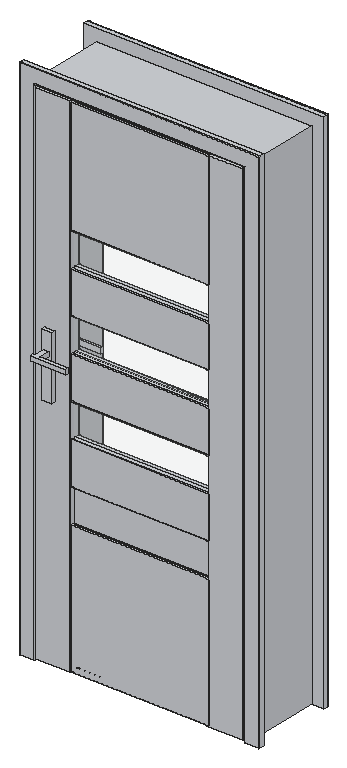
Revit family "porta_koncept_H3_bp", category Drzwi, Revit 2016
Family settings
  Obiekt nadrzędny = Ściana
  Zawsze pionowo = Tak
  Tnij formami wycięć po wczytaniu = Nie
  Współdzielony = Nie
  Punkt obliczania pomieszczeń = Nie
Parameters (values of type "PN 80")
  Wysokość brutto = 2060 mm
  Szerokość brutto = 880 mm
  Model = "Koncept"
  Konstrukcja analityczna = "<Brak>"
  Funkcja = Wewnętrzna
  URL = "www.porta.com.pl"
  Ss = 818 mm
  Sb = 846 mm
  Producent = "PORTA KMI POLAND"
  Keynote = ""
  Description = ""
  Wysokość = 2016 mm
  Zakończenie ściany = Wg obiektu nadrzędnego
  Szerokość = 800 mm
  Materiał_skrzydło [instance] = none
  Materiał_ościeżnica [instance] = none
  Materiał_klamka [instance] = none
  Informacja = "Własność Porta KMI Poland, wszelkie prawa zastrzeżone."  # constant formula
  Hs = 2017 mm
Types (6, lengths in mm): name | Szerokość brutto | Model | Ss | Sb | Description | Szerokość
  PN 70 | 780 | 0 | 718 | 746 | "Biblioteki CAD produktów firmy PORTA KMI POLAND wraz z ich wizualizacjami są chronione prawami własności przemysłowej i intelektualnej. Można je wykorzystywać do handlowych celów osobistych poprzez zastosowanie w projektach, jednak nie wolno ich powielać, modyfikować, licencjonować ani publikować, w całości ani w części, chyba że celem przeglądania, bez uprzedniej pisemnej zgody PORTA KMI Poland. www.porta.com.pl" | 700
  PN 60 | 680 | 0 | 618 | 646 | "Biblioteki CAD produktów firmy PORTA KMI POLAND wraz z ich wizualizacjami są chronione prawami własności przemysłowej i intelektualnej. Można je wykorzystywać do handlowych celów osobistych poprzez zastosowanie w projektach, jednak nie wolno ich powielać, modyfikować, licencjonować ani publikować, w całości ani w części, chyba że celem przeglądania, bez uprzedniej pisemnej zgody PORTA KMI Poland. www.porta.com.pl" | 600
  PN 80 | 880 | "Koncept" | 818 | 846 | "" | 800
  PN 90 | 980 | 0 | 918 | 946 | "Biblioteki CAD produktów firmy PORTA KMI POLAND wraz z ich wizualizacjami są chronione prawami własności przemysłowej i intelektualnej. Można je wykorzystywać do handlowych celów osobistych poprzez zastosowanie w projektach, jednak nie wolno ich powielać, modyfikować, licencjonować ani publikować, w całości ani w części, chyba że celem przeglądania, bez uprzedniej pisemnej zgody PORTA KMI Poland. www.porta.com.pl" | 900
  PN 100 | 1080 | 0 | 1018 | 1046 | "Biblioteki CAD produktów firmy PORTA KMI POLAND wraz z ich wizualizacjami są chronione prawami własności przemysłowej i intelektualnej. Można je wykorzystywać do handlowych celów osobistych poprzez zastosowanie w projektach, jednak nie wolno ich powielać, modyfikować, licencjonować ani publikować, w całości ani w części, chyba że celem przeglądania, bez uprzedniej pisemnej zgody PORTA KMI Poland. www.porta.com.pl" | 1000
  PN 110 | 1180 | 0 | 1118 | 1146 | "Biblioteki CAD produktów firmy PORTA KMI POLAND wraz z ich wizualizacjami są chronione prawami własności przemysłowej i intelektualnej. Można je wykorzystywać do handlowych celów osobistych poprzez zastosowanie w projektach, jednak nie wolno ich powielać, modyfikować, licencjonować ani publikować, w całości ani w części, chyba że celem przeglądania, bez uprzedniej pisemnej zgody PORTA KMI Poland. www.porta.com.pl" | 1100
Reference planes
  plane 1: y = 0
  plane 2 "Środek (Lewa/Prawa)": x = 0
  plane 3 "Lewy": x = -440
  plane 4 "Prawy": x = 440
  plane 5: z = 2060
  plane 6 "Zewnętrzna": y = 150
  plane 7 "Wewnętrzna": y = -150
  plane 8 "skrzydło": y = -129
Forms (mm)
  Sweep 1, solid, material <- "Materiał_ościeżnica"
    path in 3D
      loop
        line (-440, -150, 0) -> (-440, -150, 2060) -> (440, -150, 2060) -> (440, -150, 0)
    profile origin (-440, -150, 1030) x (0, -1, 0) y (1, 0, 0)
      loop
        line (-24, 39) -> (-72, 39) -> (-72, 17) -> (0, 17) -> (0, -33) -> (16, -33)
        arc (16, -33) -> (18.121, -32.121) -> (19, -30) r 3
        line (19, -30) -> (19, 24)
        arc (19, 24) -> (18.121, 26.121) -> (16, 27) r 3
        line (16, 27) -> (-24, 27) -> (-24, 39)
  Sweep 2, solid, material <- "Materiał_ościeżnica"
    path in 3D
      loop
        line (440, 150, 0) -> (440, 150, 2060) -> (-440, 150, 2060) -> (-440, 150, 0)
    profile origin (-440, 150, 1030) x (1, 0, 0) y (0, 1, 0)
      loop
        line (-33, 0) -> (17, 0) -> (17, -228) -> (39, -228) -> (39, -1)
        arc (39, -1) -> (37.536, 2.536) -> (34, 4) r 5
        line (34, 4) -> (25, 4) -> (25, 16)
        arc (25, 16) -> (24.121, 18.121) -> (22, 19) r 3
        line (22, 19) -> (-30, 19)
        arc (-30, 19) -> (-32.121, 18.121) -> (-33, 16) r 3
        line (-33, 16) -> (-33, 0)
  Sweep 3, solid, not visible
    path in 3D
      loop
        line (-440, -150, 0) -> (-440, -150, 2060)
    profile origin (-440, -150, 1030) x (0, -1, 0) y (1, 0, 0)
      loop
        line (-151, 17) -> (-149, 17) -> (-149, 19) -> (-151, 19) -> (-151, 17)
Cuts and joins
  joined: Sweep 1, Sweep 2
Lines and regions (mm)
  Opening 1
    outline origin (-3050, -150, 0) x (1, 0, 0) y (0, 0, 1)
      loop
        line (2610, 0) -> (3490, 0) -> (3490, 2060) -> (2610, 2060) -> (2610, 0)
  sketch lines
    curve 1: line (-440, -150, 0) -> (-440, -150, 2060)
    curve 2: line (-440, -150, 2060) -> (440, -150, 2060)
    curve 3: line (440, -150, 2060) -> (440, -150, 0)
    curve 4: line (-440, 150, 2060) -> (-440, 150, 0)
    curve 5: line (440, 150, 2060) -> (-440, 150, 2060)
    curve 6: line (440, 150, 0) -> (440, 150, 2060)
    curve 12: line (-440, -150, 0) -> (-440, -150, 2060)
  symbolic lines, style "DoorsPanelProjection"
    curve 7: line (409, -150, 0) -> (409, -968, 0)
    curve 8: line (409, -968, 0) -> (369, -968, 0)
    curve 9: line (369, -968, 0) -> (369, -150, 0)
    curve 10: line (369, -150, 0) -> (409, -150, 0)
  symbolic lines, style "Ugięcie rzutu"
    curve 11: arc (-409, -150, 0) -> (-169.413, -728.413, 0) -> (409, -968, 0) r 818
Text (mm)
  text "Zewnętrzna" at (-2295.016, 1099.543, 0), in view "Poziom odniesienia"
  text "Zewnętrzna" at (0, 1615.38, 3698.081), in view "Lewy"
  text "Zewnętrzna" at (0, 1036.032, 3874.932), in view "Prawy"
Dimensions and locks
  equal spacing: plane 3 "Lewy", plane 2 "Środek (Lewa/Prawa)", plane 4 "Prawy"
  "Szerokość brutto": plane 3 "Lewy" to plane 4 "Prawy"
  "Wysokość brutto": plane 5 to host wall
  host wall to plane 5 = 2060 mm  (x2)
  locked: plane 6 "Zewnętrzna" to host wall at 0
  locked: plane 7 "Wewnętrzna" to host wall
  "Sb": Sweep 1 to Sweep 1
  locked: Sweep 1 sketch curve to Sweep 1 sketch curve at 22
  Sweep 1 sketch curve to Sweep 1 sketch curve = 50 mm
  locked: Sweep 1 sketch curve to profile plane at 72
  locked: Sweep 2 sketch curve to Sweep 2 sketch curve at 50
  locked: Sweep 2 sketch curve to Sweep 2 sketch curve at 22
  locked: Sweep 2 sketch curve to plane 6 "Zewnętrzna" at 1
  locked: curve 9 to curve 7 at 40
  "Ss": curve 8 to curve 10
  equal spacing: curve 11, plane 2 "Środek (Lewa/Prawa)", curve 7
  locked: plane 7 "Wewnętrzna" to plane 8 "skrzydło" at 21
  locked: host wall to Sweep 3 sketch curve at 1
  locked: Sweep 3 sketch curve to host wall at 1
  locked: Sweep 3 sketch curve to plane 6 "Zewnętrzna" at 151
  locked: plane 7 "Wewnętrzna" to Sweep 3 sketch curve at 151
  equal spacing: nested 1, plane 2 "Środek (Lewa/Prawa)", nested 1
  locked: nested 1 to level at 8
  aligned and locked: plane 3 "Lewy" to Opening 1 sketch curve
  aligned and locked: plane 5 to Opening 1 sketch curve  (x2)
  aligned and locked: Opening 1 sketch curve to plane 4 "Prawy"
  aligned and locked: Opening 1 sketch curve to level
  aligned and locked: plane 1 to host wall
  aligned and locked: Sweep 1 to Sweep 2 sketch curve
  aligned and locked: plane 7 "Wewnętrzna" to curve 10
  aligned and locked: Sweep 3 sketch curve to cut or joined group of Sweep 1, Sweep 2
  aligned and locked: Sweep 2 sketch curve to cut or joined group of Sweep 1, Sweep 2
  aligned and locked: nested 1 to plane 8 "skrzydło"
Automatic sketch dimensions
  profile plane to Sweep 1 sketch curve = 24 mm
  Sweep 1 sketch curve to profile plane = 16 mm  (x2)
  Sweep 1 sketch curve to Sweep 1 sketch curve = 3 mm
  profile plane to Sweep 1 sketch curve = 17 mm
  Sweep 1 sketch curve to Sweep 1 sketch curve = 7 mm
  Sweep 1 sketch curve to profile plane = 0 mm
  Sweep 2 sketch curve to profile plane = 0 mm
  Sweep 2 sketch curve to profile plane = 16 mm
  Sweep 2 sketch curve to Sweep 2 sketch curve = 3 mm
  Sweep 2 sketch curve to Sweep 2 sketch curve = 5 mm
  Sweep 2 sketch curve to profile plane = 4 mm
  Sweep 2 sketch curve to Sweep 2 sketch curve = 8 mm
  curve 11 to host wall = 0 mm
  Sweep 3 sketch curve to Sweep 3 sketch curve = 2 mm
Nested families
  nested 1: "skrzydło" at (0, -135.5, 0), Materiał_klamka <- "Materiał_klamka", Materiał_skrzydło <- "Materiał_skrzydło", type "skrzydło"
    with Materiał_skrzydło none, Materiał_klamka none
Definition of nested family "skrzydło"
  Parameters
    Ss = 818 mm
    Materiał_skrzydło [instance] = none
    Materiał_klamka [instance] = none
    Hs = 2017 mm
  Reference planes
    plane 1 "Tył": y = 6.5
    plane 2: z = 0
    plane 3 "Środek (Lewa/Prawa)": x = 0
    plane 4 "Lewa": x = -409
    plane 5 "Prawa": x = 409
    plane 6 "Przód": y = -33.5
    plane 7: z = 2025
    plane 8 "Centrum": y = -13.5
    plane 9: z = 8
    plane 10: x = -272
    plane 11: x = 272
  Forms (mm)
    Extrusion 1, solid, material <- "Materiał_skrzydło"
      sketch origin (-1191.728, -1524, 8) x (-1, 0, 0) y (0, -1, 0)
        loop
          line (-1465.378, -1490.5) -> (-1599.078, -1490.5)
          arc (-1599.078, -1490.5) -> (-1600.244, -1490.983) -> (-1600.728, -1492.15) r 1.65
          line (-1600.728, -1492.15) -> (-1600.728, -1528.8)
          arc (-1600.728, -1528.8) -> (-1600.23, -1530.002) -> (-1599.028, -1530.5) r 1.7
          line (-1599.028, -1530.5) -> (-1465.378, -1530.5)
          arc (-1465.378, -1530.5) -> (-1464.211, -1530.017) -> (-1463.728, -1528.85) r 1.65
          line (-1463.728, -1528.85) -> (-1463.728, -1492.15)
          arc (-1463.728, -1492.15) -> (-1464.211, -1490.983) -> (-1465.378, -1490.5) r 1.65
      from 0 to 2017
    Extrusion 2, solid, material <- "Materiał_skrzydło"
      sketch origin (0, 0, 0) x (0, 1, 0) y (0, 0, 1)
        loop
          line (4, 1568.15) -> (4, 2023.3)
          arc (4, 2023.3) -> (3.502, 2024.502) -> (2.3, 2025) r 1.7
          line (2.3, 2025) -> (-29.35, 2025)
          arc (-29.35, 2025) -> (-30.517, 2024.517) -> (-31, 2023.35) r 1.65
          line (-31, 2023.35) -> (-31, 1568.15)
          arc (-31, 1568.15) -> (-30.517, 1566.983) -> (-29.35, 1566.5) r 1.65
          line (-29.35, 1566.5) -> (2.35, 1566.5)
          arc (2.35, 1566.5) -> (3.517, 1566.983) -> (4, 1568.15) r 1.65
        loop
          line (2.35, 529.5) -> (-29.35, 529.5)
          arc (-29.35, 529.5) -> (-30.517, 529.017) -> (-31, 527.85) r 1.65
          line (-31, 527.85) -> (-31, 9.65)
          arc (-31, 9.65) -> (-30.517, 8.483) -> (-29.35, 8) r 1.65
          line (-29.35, 8) -> (-25, 8)
          arc (-25, 8) -> (-23.833, 8.483) -> (-23.35, 9.65) r 1.65
          arc (-23.35, 9.65) -> (-22.955, 10.605) -> (-22, 11) r 1.35
          line (-22, 11) -> (-5, 11)
          arc (-5, 11) -> (-4.045, 10.605) -> (-3.65, 9.65) r 1.35
          arc (-3.65, 9.65) -> (-3.167, 8.483) -> (-2, 8) r 1.65
          line (-2, 8) -> (2.35, 8)
          arc (2.35, 8) -> (3.517, 8.483) -> (4, 9.65) r 1.65
          line (4, 9.65) -> (4, 527.85)
          arc (4, 527.85) -> (3.517, 529.017) -> (2.35, 529.5) r 1.65
        loop
          line (2.35, 831.25) -> (-29.35, 831.25)
          arc (-29.35, 831.25) -> (-30.517, 830.767) -> (-31, 829.6) r 1.65
          line (-31, 829.6) -> (-31, 662.9)
          arc (-31, 662.9) -> (-30.517, 661.733) -> (-29.35, 661.25) r 1.65
          line (-29.35, 661.25) -> (2.35, 661.25)
          arc (2.35, 661.25) -> (3.517, 661.733) -> (4, 662.9) r 1.65
          line (4, 662.9) -> (4, 829.6)
          arc (4, 829.6) -> (3.517, 830.767) -> (2.35, 831.25) r 1.65
        loop
          line (2.35, 1133) -> (-29.35, 1133)
          arc (-29.35, 1133) -> (-30.517, 1132.517) -> (-31, 1131.35) r 1.65
          line (-31, 1131.35) -> (-31, 964.65)
          arc (-31, 964.65) -> (-30.517, 963.483) -> (-29.35, 963) r 1.65
          line (-29.35, 963) -> (2.35, 963)
          arc (2.35, 963) -> (3.517, 963.483) -> (4, 964.65) r 1.65
          line (4, 964.65) -> (4, 1131.35)
          arc (4, 1131.35) -> (3.517, 1132.517) -> (2.35, 1133) r 1.65
        loop
          line (2.35, 1434.75) -> (-29.35, 1434.75)
          arc (-29.35, 1434.75) -> (-30.517, 1434.267) -> (-31, 1433.1) r 1.65
          line (-31, 1433.1) -> (-31, 1266.4)
          arc (-31, 1266.4) -> (-30.517, 1265.233) -> (-29.35, 1264.75) r 1.65
          line (-29.35, 1264.75) -> (2.35, 1264.75)
          arc (2.35, 1264.75) -> (3.517, 1265.233) -> (4, 1266.4) r 1.65
          line (4, 1266.4) -> (4, 1433.1)
          arc (4, 1433.1) -> (3.517, 1434.267) -> (2.35, 1434.75) r 1.65
      from -272 to 272
    Extrusion 3, solid
      sketch origin (-892.016, -13.5, 1213) x (-1, 0, 0) y (0, 0, 1)
        loop
          line (-620.016, 353.5) -> (-1164.016, 353.5) -> (-1164.016, 221.75) -> (-620.016, 221.75) -> (-620.016, 353.5)
      from -2 to 2
    Extrusion 4, solid
      sketch origin (-892.016, -13.5, 1213) x (-1, 0, 0) y (0, 0, 1)
        loop
          line (-620.016, -80) -> (-620.016, 51.75) -> (-1164.016, 51.75) -> (-1164.016, -80) -> (-620.016, -80)
      from -2 to 2
    Extrusion 5, solid
      sketch origin (-892.016, -13.5, 1200) x (-1, 0, 0) y (0, 0, 1)
        loop
          line (-620.016, -237) -> (-1164.016, -237) -> (-1164.016, -368.75) -> (-620.016, -368.75) -> (-620.016, -237)
      from -2 to 2
    Extrusion 6, solid, material <- "Materiał_skrzydło"
      sketch origin (-892.016, -13.5, 1200) x (-1, 0, 0) y (0, 0, 1)
        loop
          line (-620.016, -538.75) -> (-1164.016, -538.75) -> (-1164.016, -670.5) -> (-620.016, -670.5) -> (-620.016, -538.75)
      from -6 to 6
    Extrusion 7, solid, material <- "Materiał_skrzydło"
      sketch origin (-1191.728, -1524, 8) x (-1, 0, 0) y (0, -1, 0)
        loop
          arc (-918.078, -1490.5) -> (-919.244, -1490.983) -> (-919.728, -1492.15) r 1.65
          line (-919.728, -1492.15) -> (-919.728, -1528.85)
          arc (-919.728, -1528.85) -> (-919.244, -1530.017) -> (-918.078, -1530.5) r 1.65
          line (-918.078, -1530.5) -> (-784.428, -1530.5)
          arc (-784.428, -1530.5) -> (-783.225, -1530.002) -> (-782.728, -1528.8) r 1.7
          line (-782.728, -1528.8) -> (-782.728, -1492.15)
          arc (-782.728, -1492.15) -> (-783.211, -1490.983) -> (-784.378, -1490.5) r 1.65
          line (-784.378, -1490.5) -> (-918.078, -1490.5)
      from 0 to 2017
  Dimensions and locks
    equal spacing: plane 4 "Lewa", plane 3 "Środek (Lewa/Prawa)", plane 5 "Prawa"
    "Ss": plane 4 "Lewa" to plane 5 "Prawa"
    locked: plane 9 to level at 8
    "Hs": plane 7 to plane 9
    locked: nested 1 to plane 9 at 934
    locked: plane 9 to nested 2 at 934
    equal spacing: plane 6 "Przód", plane 8 "Centrum", plane 1 "Tył"
    locked: plane 10 to plane 4 "Lewa" at 137
    locked: plane 5 "Prawa" to plane 11 at 137
    aligned and locked: nested 1 to plane 6 "Przód"
    aligned and locked: plane 5 "Prawa" to Extrusion 1 sketch curve
    aligned and locked: Extrusion 1 sketch curve to plane 1 "Tył"
    aligned and locked: Extrusion 1 sketch curve to plane 6 "Przód"
    aligned and locked: Extrusion 1 sketch curve to plane 11
    aligned and locked: plane 7 to Extrusion 1
    aligned and locked: Extrusion 2 to plane 10
    aligned and locked: plane 11 to Extrusion 2
    aligned and locked: plane 10 to Extrusion 3 sketch curve
    aligned and locked: plane 11 to Extrusion 3 sketch curve
    aligned and locked: Extrusion 2 to Extrusion 4 sketch curve  (x2)
    aligned and locked: plane 10 to Extrusion 5 sketch curve
    aligned and locked: plane 11 to Extrusion 5 sketch curve
    aligned and locked: plane 10 to Extrusion 6 sketch curve
    aligned and locked: plane 11 to Extrusion 6 sketch curve
    aligned and locked: plane 4 "Lewa" to Extrusion 7 sketch curve
    aligned and locked: Extrusion 7 sketch curve to plane 10
    aligned and locked: plane 7 to Extrusion 7
    aligned and locked: nested 2 to nested 1
  Automatic sketch dimensions
    Extrusion 3 sketch curve to Extrusion 3 sketch curve = 131.75 mm
    Extrusion 3 sketch curve to plane 7 = 458.5 mm
    Extrusion 4 sketch curve to plane 7 = 760.25 mm
    Extrusion 4 sketch curve to Extrusion 4 sketch curve = 131.75 mm
    plane 9 to Extrusion 5 sketch curve = 823.25 mm
    Extrusion 5 sketch curve to Extrusion 5 sketch curve = 131.75 mm
    plane 9 to Extrusion 6 sketch curve = 521.5 mm
    Extrusion 6 sketch curve to Extrusion 6 sketch curve = 131.75 mm
    Extrusion 7 sketch curve to plane 6 "Przód" = 0 mm
    plane 1 "Tył" to Extrusion 7 sketch curve = 0 mm
    Extrusion 7 sketch curve to plane 10 = 1.65 mm
    plane 1 "Tył" to Extrusion 7 sketch curve = 1.65 mm
    plane 4 "Lewa" to Extrusion 7 sketch curve = 1.7 mm
    plane 4 "Lewa" to Extrusion 7 sketch curve = 1.65 mm
    Extrusion 1 sketch curve to Extrusion 1 sketch curve = 1.65 mm
    Extrusion 1 sketch curve to plane 5 "Prawa" = 1.7 mm
    plane 11 to Extrusion 1 sketch curve = 1.65 mm  (x2)
    Extrusion 2 sketch curve to plane 9 = 0 mm  (x2)
    Extrusion 2 sketch curve to plane 7 = 0 mm
    plane 6 "Przód" to Extrusion 2 sketch curve = 2.5 mm  (x5)
    Extrusion 2 sketch curve to Extrusion 2 sketch curve = 1.65 mm  (x15)
    Extrusion 2 sketch curve to Extrusion 2 sketch curve = 4.35 mm
    Extrusion 2 sketch curve to Extrusion 2 sketch curve = 0 mm  (x2)
    Extrusion 2 sketch curve to Extrusion 2 sketch curve = 1.35 mm
    plane 9 to Extrusion 2 sketch curve = 1.65 mm
    plane 8 "Centrum" to Extrusion 2 sketch curve = 8.5 mm
    Extrusion 2 sketch curve to plane 7 = 1.7 mm
    plane 1 "Tył" to Extrusion 2 sketch curve = 4.2 mm
    plane 1 "Tył" to Extrusion 2 sketch curve = 4.15 mm  (x9)
    Extrusion 2 sketch curve to Extrusion 2 sketch curve = 516.85 mm
    Extrusion 2 sketch curve to Extrusion 2 sketch curve = 131.75 mm  (x4)
    Extrusion 2 sketch curve to Extrusion 2 sketch curve = 166.7 mm  (x3)
  Nested families
    nested 1: "KLAMKA" at (-354, -33.5, 1067), Materiał klamki <- "Materiał_klamka", type "KLAMKA"
      with Materiał klamki none
    nested 2: "KLAMKA" at (-354, 6.5, 1067), Materiał klamki <- "Materiał_klamka", type "KLAMKA"
      with Materiał klamki none
  Definition of nested family "KLAMKA"
    Parameters
      Materiał klamki [instance] = none
      Assembly Code = ""
      Default Elevation = 1219.2 mm
    Reference planes
      plane 1 "Center (Front/Back)": y = 0
      plane 2: z = 0
      plane 3 "Center (Left/Right)": x = 0
      plane 4: z = 125
      plane 5: z = -125
      plane 6: x = 20
      plane 7: x = -20
      plane 8: y = -70
      plane 9: y = -60
      plane 10: x = 10
      plane 11: x = -10
      plane 12: x = 120
      plane 13: z = 35
      plane 14: z = 55
      plane 15: y = -15
    Forms (mm)
      Extrusion 1, solid, material <- "Materiał klamki"
        sketch origin (0, 0, 0) x (1, 0, 0) y (0, 0, 1)
          loop
            line (-20, 125) -> (-20, -125) -> (20, -125) -> (20, 125) -> (-20, 125)
        from 0 to 15
      Extrusion 2, solid, material <- "Materiał klamki"
        sketch origin (0, 0, 0) x (1, 0, 0) y (0, 1, 0)
          loop
            line (-10, -15) -> (-10, -60) -> (-20, -60) -> (-20, -70) -> (120, -70) -> (120, -60) -> (10, -60) -> (10, -15) -> (-10, -15)
        from 35 to 55
    Dimensions and locks
      equal spacing: plane 4, plane 2, plane 5
      plane 4 to plane 5 = 250 mm
      equal spacing: plane 7, plane 3 "Center (Left/Right)", plane 6
      plane 7 to plane 6 = 40 mm
      plane 8 to plane 1 "Center (Front/Back)" = 70 mm
      plane 11 to plane 3 "Center (Left/Right)" to plane 10 = 10 mm locked, 10 mm locked
      plane 7 to plane 12 = 140 mm
      plane 15 to plane 1 "Center (Front/Back)" = 15 mm
      aligned and locked: plane 7 to Extrusion 1 sketch curve
      aligned and locked: Extrusion 1 sketch curve to plane 4
      aligned and locked: plane 5 to Extrusion 1 sketch curve
      aligned and locked: Extrusion 1 sketch curve to plane 6
      aligned and locked: plane 15 to Extrusion 1
      aligned and locked: Extrusion 1 to plane 1 "Center (Front/Back)"
      aligned and locked: plane 14 to Extrusion 2
      aligned and locked: Extrusion 2 to plane 13
    Automatic sketch dimensions
      Extrusion 2 sketch curve to plane 7 = 0 mm
      Extrusion 2 sketch curve to plane 9 = 0 mm  (x2)
      Extrusion 2 sketch curve to plane 11 = 0 mm
      Extrusion 2 sketch curve to plane 10 = 0 mm
      Extrusion 2 sketch curve to plane 12 = 0 mm
      Extrusion 2 sketch curve to plane 8 = 0 mm
      Extrusion 2 sketch curve to plane 15 = 0 mm
